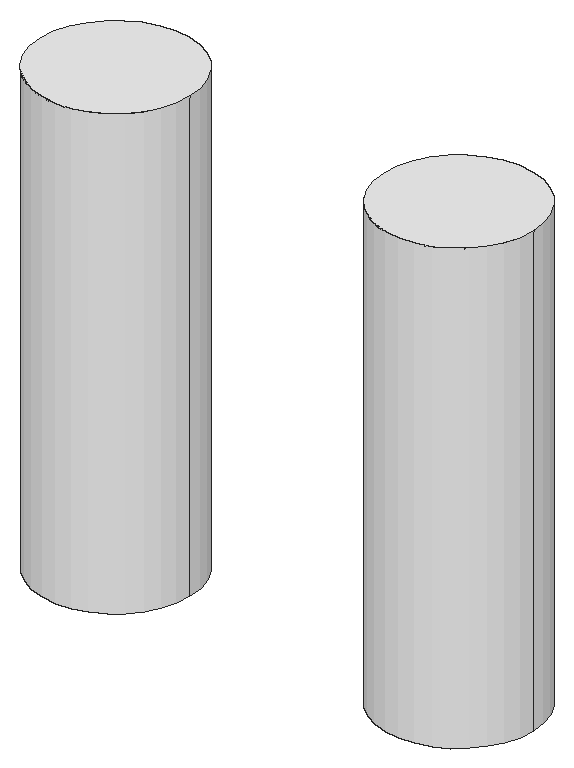
Revit family "51482293", category Plumbing Fixtures, Revit 2018
Family settings
  Round Connector Dimension = Use Diameter
  Part Type = Normal
  OmniClass Number = 23.45.55.00
  OmniClass Title = Sanitary Faucets, Wastes
  Work Plane-Based = No
  Always vertical = Yes
  Cut with Voids When Loaded = No
  Shared = No
  Room Calculation Point = No
Parameters (values of type "51482293 Kitchen faucet ")
  WorkingPressure = "50 - 1000 kPa"
  Working Pressure = "50 - 1000 kPa"
  WarrantyStartDate [instance] = "n/a"
  WarrantyGuarantorParts = "n/a"
  WarrantyGuarantorLabor = "n/a"
  WarrantyDurationUnit = "Year"
  WarrantyDurationParts = "n/a"
  WarrantyDurationLabor = "n/a"
  WarrantyDescription = "http://warranty.hansa.com"
  Warranty Information URL = "http://warranty.hansa.com"
  VersionDate = "01/07/2022"
  Version = "4"  # constant formula
  ValvePattern = "n/a"
  ValveOperation = "n/a"
  ValveMechanism = "n/a"
  Uniclass2015Reference = "Pr_40_20_87_96"
  Uniclass2015Description = "Washbasin manual water supply sets"
  Uniclass2 = "Pr_40_30_96_96"
  URL REACH = "http://static.hansa.com/doc/reach"
  URL KIWA = "http://static.hansa.com/Kiwa/51482293"
  URL Declaration of Conformity = "http://static.hansa.com/DoC/51482293"
  URL DVGW = "http://static.hansa.com/DVGW/51482293"
  URL = ""
  UNSPSC Class Number = "30181700 Faucets or taps"
  Type Comments = ""
  TestPressure = "n/a"
  Temperature Adjustments = "Limitation option for maximum temperature and flow-rate ;Adjustable hot water stop (included, retrofittable)"
  Temperature = "Temperature limiter;Temperature limiter (retrofittable)"
  Technical DataSheet URL = "http://www.hansa.com/datasheet/51482293/en"
  TagNumber [instance] = "n/a"
  SustainabilityPerformance = "n/a"
  Surface treatment = "Chrome"
  Spout Type = "Swivel spout;Swivel range limiting option"
  Spout Swivel Range = "120°"
  Spout Projection = "215 mm"
  Spare-Part Information URL = "http://static.hansa.com/sp/51482293"
  Size = "51x255x168 mm"
  Shape = "Sculptured"
  SerialNumber [instance] = "n/a"
  Sales Package dimensions (LxWxH) = "362 x 278 x 63"
  Revision = "4"  # constant formula
  ReplacementCost = "n/a"
  ProductInformation = "n/a"
  Product URL = "http://static.hansa.com/51482293"
  Product Image URL = "http://static.hansa.com/image/51482293"
  Product Family = "HANSAPOLO "
  Product Code = "51482293"
  OperatingMechanismMaterial = "n/a"
  NominalWidth = 51 mm
  NominalHeight = 168 mm
  NominalDepth = 255 mm
  Noise Class = "I (ISO 3822)"
  Name_en = "51482293 Kitchen faucet"
  Name = "51482293 Kitchen faucet"
  NBSReference = "45-35-70/371"
  NBSDescription = "Water supply fittings for wash basins and troughs"
  Mounting Holes = "1 hole"
  ModelReference = "51482293"
  ModelNumber = "n/a"
  Model = "51482293 Kitchen faucet"
  Mobile Product Information URL = "http://mpi.hansa.com/51482293"
  Mechanical Parts = "ø 35 mm ceramic cartridge for flow and temperature control"
  Max. Hot Water Supply = 70 °C
  Material = "Brass"
  Market = "Austria;Belgium;Czech Republic;Germany;Spain;France;International;Italy;Netherlands;Slovakia"
  ManufacturerURL = "http://www.hansa.com"
  ManufacturerName = "HANSA"
  Manufacturer = "HANSA"
  Lever Handle = "Hot/Cold symbols;Single operating lever/handle"
  Interactive AR View URL = "https://static.hansa.com/AR/51482293"
  InstallationDate [instance] = "n/a"
  Installation and Maintenance Guide URL = "http://static.hansa.com/manual/51482293"
  Installation Type = "Deck mounted"
  InletConnectionSize = 10 mm
  IfcExportType = "FAUCET"  # constant formula
  IfcExportAs = "IfcValveType"  # constant formula
  Group = "Kitchen faucet"
  Grade = "n/a"
  FlowCoefficient = 0
  Flow Rate At 300kPa = 0.2 L/s
  Flow Drawing URL = "http://static.hansa.com/flowchart/51482293"
  Finish = "Polished"
  Features = "Single-lever"
  FaucetMainMaterial = Brass
  FDV Document URL = "http://www.hansa.com/datasheet/51482293/en/fdv"
  ExpectedLife = "n/a"
  ETIM Class Number = "EC011431 Kitchen mixing tap"
  EN Standard = "EN 817"
  EAN Number = "4057304002854"
  DurationUnit = "Year"
  Dimension Drawing URL = "http://static.hansa.com/dimdrw/51482293"
  Description = ""
  DefaultElevation [instance] = 900 mm
  Constituents = "n/a"
  Connection Size = "G3/8"
  Connection = "Flexible inlet pipes"
  Color = "Chrome"
  CodePerformance = "n/a"
  CloseOffRating = 0
  Category = "Kitchen"
  Catalog Drawing URL = "http://static.hansa.com/catdrw/51482293"
  Brand = "HANSA"
  BodyMaterial = "Brass"
  Barcode [instance] = "n/a"
  Backflow Prevention EN1717 = "AA"
  BIMObjectName = "51482293(2020)"
  Author = "BIMStone"
  AssetType = "Fixed"
  AssetIdentifier [instance] = "n/a"
  Approval KIWA = "K6116/08"
  Approval DVGW = "NW-6506BP0361"
  Ambience photo = "http://static.hansa.com/ambience/51482293"
  Aerator = "Standard aerator"
  Advanced Features = "Inner body made of DZR brass;Rapid installation system"
  AccessibilityPerformance = "n/a"
  3D View = "https://static.hansa.com/3D/51482293"
  2D/3D/BIM Files URL = "http://static.hansa.com/bim/51482293"
Reference planes
  plane 1 "Center (Front/Back)": y = 0
  plane 2: z = 0
  plane 3 "Center (Left/Right)": x = 0
  plane 4: x = -25.5
  plane 5: z = 1068
  plane 6: z = 900
  plane 7: z = 870
  plane 8: y = -255
  plane 9: x = 25.5
Forms (mm)
  Extrusion 1, solid, material "Brass" <- "FaucetMainMaterial"
    sketch origin (0, 0, 0) x (1, 0, 0) y (0, 1, 0)
      loop
        circle (-11.5, -22.5) r 5
      loop
        circle (11.5, -22.5) r 5
    from 870 to 900
  Extrusion 2, solid, material "Brass" <- "FaucetMainMaterial", detail levels medium
    sketch origin (0, 0, 0) x (0, 1, 0) y (0, 0, 1)
      loop
        line (0, 900) -> (0, 1058.08) -> (-61.322, 1065.36) -> (-111.697, 1068)
        arc (-111.697, 1068) -> (-112.791, 1067.626) -> (-113.167, 1066.532) r 1.316
        line (-113.167, 1066.532) -> (-112.909, 1064.448)
        arc (-112.909, 1064.448) -> (-111.629, 1061.855) -> (-109.013, 1060.622) r 4.388
        line (-109.013, 1060.622) -> (-51, 1054.525) -> (-51, 993.034)
        arc (-51, 993.034) -> (-52.761, 993.574) -> (-54.465, 994.275) r 19.937
        line (-54.465, 994.275) -> (-135.431, 1032.03)
        arc (-135.431, 1032.03) -> (-162.315, 1042.283) -> (-190.393, 1048.572) r 200
        line (-190.393, 1048.572) -> (-248.818, 1057.304)
        arc (-248.818, 1057.304) -> (-251.086, 1056.882) -> (-252.314, 1054.93) r 2.875
        line (-252.314, 1054.93) -> (-255, 1037.009) -> (-252.234, 1036.594) -> (-252.899, 1032.154) -> (-229.163, 1028.596) -> (-228.347, 1034.037) -> (-193.277, 1028.781)
        arc (-193.277, 1028.781) -> (-168.045, 1023.121) -> (-143.883, 1013.904) r 180
        line (-143.883, 1013.904) -> (-51, 970.592) -> (-51, 900) -> (0, 900)
    from 25.5 to -25.5
  Extrusion 3, solid, material "Brass", detail levels coarse
    sketch origin (0, 0, 0) x (1, 0, 0) y (0, 1, 0)
      loop
        line (-25.5, 0) -> (-25.5, -255) -> (25.5, -255) -> (25.5, 0) -> (-25.5, 0)
    from 900 to 1068
Lines and regions (mm)
  symbolic lines, detail levels medium+fine
    curve 1: line (0, 0, 900) -> (0, -51, 900)
    curve 2: line (0, -51, 900) -> (0, -51, 947.5)
    curve 3: line (0, -50.702, 970.453) -> (0, -143.883, 1013.904)
    curve 4: arc (0, -143.883, 1013.904) -> (0, -168.045, 1023.121) -> (0, -193.277, 1028.781) r 180
    curve 5: line (0, -193.277, 1028.781) -> (0, -225.171, 1033.561)
    curve 6: line (0, -229.163, 1028.596) -> (0, -228.497, 1033.037)
    curve 7: line (0, -252.234, 1036.594) -> (0, -252.899, 1032.154)
    curve 8: line (0, -252.899, 1032.154) -> (0, -229.163, 1028.596)
    curve 10: line (0, -225.321, 1032.561) -> (0, -225.171, 1033.561)
    curve 11: line (0, -252.234, 1036.594) -> (0, -255, 1037.009)
    curve 12: line (0, -255, 1037.009) -> (0, -252.314, 1054.93)
    curve 13: arc (0, -252.314, 1054.93) -> (0, -251.086, 1056.882) -> (0, -248.818, 1057.304) r 2.875
    curve 14: line (0, -248.818, 1057.304) -> (0, -190.393, 1048.572)
    curve 15: arc (0, -190.393, 1048.572) -> (0, -162.315, 1042.283) -> (0, -135.431, 1032.03) r 200
    curve 16: line (0, -135.431, 1032.03) -> (0, -54.465, 994.275)
    curve 17: arc (0, -54.465, 994.275) -> (0, -52.475, 993.474) -> (0, -50.41, 992.892) r 19.937
    curve 18: line (0, -50.007, 1023.96) -> (0, -50.41, 992.892)
    curve 19: line (0, -50.702, 970.453) -> (0, -51, 947.5)
    curve 20: line (0, 0, 900) -> (0, 0, 947.5)
    curve 21: line (0, -0.993, 1023.96) -> (0, 0, 947.5)
    curve 23: line (0, -228.497, 1033.037) -> (0, -225.321, 1032.561)
    curve 24: line (0, -0.993, 1023.96) -> (0, -2.721, 1023.96)
    curve 25: line (0, -49.846, 1026.8) -> (0, -48.006, 1026.8)
    curve 27: line (0, -48.304, 1023.96) -> (0, -48.006, 1026.8)
    curve 28: arc (0, -6.504, 1035.604) -> (0, -3.769, 1030.056) -> (0, -2.721, 1023.96) r 21.584
    curve 29: line (0, -49.846, 1026.8) -> (0, -48.267, 1049.382)
    curve 30: arc (0, -48.267, 1049.382) -> (0, -49.483, 1053.016) -> (0, -52.912, 1054.725) r 5.006
    curve 31: line (0, -52.912, 1054.725) -> (0, -109.013, 1060.622)
    curve 32: arc (0, -109.013, 1060.622) -> (0, -111.629, 1061.855) -> (0, -112.909, 1064.448) r 4.388
    curve 33: line (0, -112.909, 1064.448) -> (0, -113.167, 1066.532)
    curve 34: arc (0, -113.167, 1066.532) -> (0, -112.791, 1067.626) -> (0, -111.697, 1068) r 1.316
    curve 35: line (0, -111.697, 1068) -> (0, -61.322, 1065.36)
    curve 36: line (0, -61.322, 1065.36) -> (0, -4.446, 1058.607)
    curve 37: arc (0, -4.446, 1058.607) -> (0, -3.316, 1057.974) -> (0, -2.965, 1056.728) r 1.691
    curve 38: line (0, -2.965, 1056.728) -> (0, -1.647, 1037.869)
    curve 39: line (0, -6.504, 1035.604) -> (0, -1.647, 1037.869)
    curve 41: line (0, -48.304, 1023.96) -> (0, -50.007, 1023.96)
    curve 43: line (25.5, 0, 900) -> (-25.5, 0, 900)
    curve 44: line (-25.5, 0, 900) -> (-25.5, 0, 947.56)
    curve 45: line (-25.5, 0, 947.56) -> (-24.495, 0, 1023.96)
    curve 46: line (-24.362, 0, 1026.797) -> (-22.506, 0, 1026.797)
    curve 47: line (-24.495, 0, 1023.96) -> (-22.754, 0, 1023.96)
    curve 48: line (-24.362, 0, 1026.797) -> (-21.794, 0, 1058.814)
    curve 49: arc (-21.794, 0, 1058.814) -> (-21.406, 0, 1059.899) -> (-20.524, 0, 1060.641) r 2.211
    curve 50: arc (-20.524, 0, 1060.641) -> (-18.448, 0, 1061.525) -> (-16.319, 0, 1062.269) r 33.994
    curve 51: arc (-16.319, 0, 1062.269) -> (-15.779, 0, 1062.579) -> (-15.419, 0, 1063.089) r 1.442
    curve 52: arc (-15.419, 0, 1063.089) -> (-13.815, 0, 1065.638) -> (-11.468, 0, 1067.527) r 9.139
    curve 53: arc (-11.468, 0, 1067.527) -> (-10.657, 0, 1067.864) -> (-9.789, 0, 1068) r 3.707
    curve 54: line (-9.789, 0, 1068) -> (0, 0, 1068)
    curve 55: line (-22.506, 0, 1026.797) -> (-22.754, 0, 1023.96)
    curve 59: line (25.5, 0, 900) -> (25.5, 0, 947.56)
    curve 60: line (25.5, 0, 947.56) -> (24.495, 0, 1023.96)
    curve 61: line (24.362, 0, 1026.797) -> (22.506, 0, 1026.797)
    curve 62: line (24.495, 0, 1023.96) -> (22.754, 0, 1023.96)
    curve 63: line (24.362, 0, 1026.797) -> (21.794, 0, 1058.814)
    curve 64: arc (21.794, 0, 1058.814) -> (21.406, 0, 1059.899) -> (20.524, 0, 1060.641) r 2.211
    curve 65: arc (20.524, 0, 1060.641) -> (18.448, 0, 1061.525) -> (16.319, 0, 1062.269) r 33.994
    curve 66: arc (16.319, 0, 1062.269) -> (15.779, 0, 1062.579) -> (15.419, 0, 1063.089) r 1.442
    curve 67: arc (15.419, 0, 1063.089) -> (13.815, 0, 1065.638) -> (11.468, 0, 1067.527) r 9.139
    curve 68: arc (11.468, 0, 1067.527) -> (10.657, 0, 1067.864) -> (9.789, 0, 1068) r 3.707
    curve 69: line (9.789, 0, 1068) -> (0, 0, 1068)
    curve 70: line (22.506, 0, 1026.797) -> (22.754, 0, 1023.96)
    curve 83: line (-15, -239.534, 0) -> (-15, -59.645, 0)
    curve 84: line (15, -239.534, 0) -> (15, -59.645, 0)
    curve 85: spline (-15, -239.534, 0) -> (-14.489, -243.537, 0) -> (-12.99, -247.267, 0) -> (-10.607, -250.47, 0) -> (-7.5, -252.928, 0) -> (-3.882, -254.473, 0) -> (0, -255, 0) -> (3.882, -254.473, 0) -> (7.5, -252.928, 0) -> (10.607, -250.47, 0) -> (12.99, -247.267, 0) -> (14.489, -243.537, 0) -> (15, -239.534, 0)
    curve 91: arc (-15.824, -46.935, 0) -> (-15.892, -46.144, 0) -> (-15.994, -45.357, 0) r 18.815
    curve 95: arc (15.832, -46.938, 0) -> (15.9, -46.152, 0) -> (16.001, -45.369, 0) r 18.811
    curve 96: line (-15, -59.645, 0) -> (-15.824, -46.935, 0)
    curve 97: line (15, -59.645, 0) -> (15.832, -46.938, 0)
    curve 98: arc (16.001, -45.369, 0) -> (0.021, -0.018, 0) -> (-15.994, -45.357, 0) r 25.494
  symbolic lines, detail levels fine
    curve 9: line (0, -252.234, 1036.594) -> (0, -228.497, 1033.037)
    curve 22: line (0, 0, 947.5) -> (0, -51, 947.5)
    curve 26: line (0, -25.383, 1026.8) -> (0, -6.504, 1035.604)
    curve 40: line (0, -48.006, 1026.8) -> (0, -25.383, 1026.8)
    curve 42: line (0, -2.721, 1023.96) -> (0, -48.304, 1023.96)
    curve 56: line (-15, 0, 970.474) -> (-15, 0, 1054.085)
    curve 57: line (-22.506, 0, 1026.797) -> (-15, 0, 1026.797)
    curve 58: line (-22.754, 0, 1023.96) -> (-15, 0, 1023.96)
    curve 71: line (22.506, 0, 1026.797) -> (15, 0, 1026.797)
    curve 72: line (22.754, 0, 1023.96) -> (15, 0, 1023.96)
    curve 73: line (-25.5, 0, 947.56) -> (25.5, 0, 947.56)
    curve 74: spline (-15, 0, 1054.085) -> (-14.489, 0, 1054.949) -> (-12.99, 0, 1055.755) -> (-10.607, 0, 1056.447) -> (-7.5, 0, 1056.978) -> (-3.882, 0, 1057.312) -> (0, 0, 1057.426) -> (3.882, 0, 1057.312) -> (7.5, 0, 1056.978) -> (10.607, 0, 1056.447) -> (12.99, 0, 1055.755) -> (14.489, 0, 1054.949) -> (15, 0, 1054.085)
    curve 75: arc (-13.012, 0, 968.978) -> (-14.379, 0, 969.231) -> (-15, 0, 970.474) r 1.557
    curve 76: arc (13.012, 0, 968.978) -> (14.379, 0, 969.231) -> (15, 0, 970.474) r 1.557
    curve 77: arc (-13.012, 0, 968.978) -> (0, 0, 970.816) -> (13.012, 0, 968.978) r 47.003
    curve 78: spline (11.961, 0, 1030.3) -> (11.554, 0, 1029.845) -> (10.359, 0, 1029.421) -> (8.458, 0, 1029.058) -> (5.981, 0, 1028.778) -> (3.096, 0, 1028.603) -> (0, 0, 1028.543) -> (-3.096, 0, 1028.603) -> (-5.981, 0, 1028.778) -> (-8.458, 0, 1029.058) -> (-10.359, 0, 1029.421) -> (-11.554, 0, 1029.845) -> (-11.961, 0, 1030.3) -> (-11.554, 0, 1030.754) -> (-10.359, 0, 1031.178) -> (-8.458, 0, 1031.542) -> (-5.981, 0, 1031.821) -> (-3.096, 0, 1031.997) -> (0, 0, 1032.056) -> (3.096, 0, 1031.997) -> (5.981, 0, 1031.821) -> (8.458, 0, 1031.542) -> (10.359, 0, 1031.178) -> (11.554, 0, 1030.754) -> (11.961, 0, 1030.3)
    curve 79: spline (-11.961, 0, 1034.779) -> (-11.554, 0, 1035.234) -> (-10.359, 0, 1035.658) -> (-8.458, 0, 1036.021) -> (-5.981, 0, 1036.301) -> (-3.096, 0, 1036.476) -> (0, 0, 1036.536) -> (3.096, 0, 1036.476) -> (5.981, 0, 1036.301) -> (8.458, 0, 1036.021) -> (10.359, 0, 1035.658) -> (11.554, 0, 1035.234) -> (11.961, 0, 1034.779)
    curve 80: line (-11.961, 0, 1030.3) -> (-11.961, 0, 1034.779)
    curve 81: line (11.961, 0, 1034.779) -> (11.961, 0, 1030.3)
    curve 82: spline (11.961, 0, 1033.769) -> (14.424, 0, 1034.526) -> (14.937, 0, 1035.369) -> (13.431, 0, 1036.183) -> (10.109, 0, 1036.859) -> (5.421, 0, 1037.304) -> (0, 0, 1037.46) -> (-5.421, 0, 1037.304) -> (-10.109, 0, 1036.859) -> (-13.431, 0, 1036.183) -> (-14.937, 0, 1035.369) -> (-14.424, 0, 1034.526) -> (-11.961, 0, 1033.769)
    curve 86: spline (-15, -239.534, 0) -> (-14.489, -242.782, 0) -> (-12.99, -245.808, 0) -> (-10.607, -248.407, 0) -> (-7.5, -250.401, 0) -> (-3.882, -251.655, 0) -> (0, -252.082, 0) -> (3.882, -251.655, 0) -> (7.5, -250.401, 0) -> (10.607, -248.407, 0) -> (12.99, -245.808, 0) -> (14.489, -242.782, 0) -> (15, -239.534, 0)
    curve 87: arc (19.099, -37.489, 0) -> (0, -2.95, 0) -> (-19.099, -37.489, 0) r 22.55
    curve 88: line (0, -113.165, 0) -> (-6.461, -113.165, 0)
    curve 89: arc (-6.461, -113.165, 0) -> (-10.086, -111.77, 0) -> (-11.84, -108.304, 0) r 5.407
    curve 90: line (-11.84, -108.304, 0) -> (-15, -59.645, 0)
    curve 92: line (0, -113.165, 0) -> (6.461, -113.165, 0)
    curve 93: arc (6.461, -113.165, 0) -> (10.086, -111.77, 0) -> (11.84, -108.304, 0) r 5.407
    curve 94: line (11.84, -108.304, 0) -> (15, -59.645, 0)
    curve 99: arc (-19.099, -37.489, 0) -> (-17.182, -41.279, 0) -> (-15.994, -45.357, 0) r 23.03
    curve 100: arc (19.099, -37.489, 0) -> (17.182, -41.279, 0) -> (15.994, -45.357, 0) r 23.03
    curve 101: line (15, 0, 970.474) -> (15, 0, 1054.085)
    curve 102: line (-15.779, 0, 1062.579) -> (-15.779, 0, 1058.287)
    curve 103: arc (-15.779, 0, 1058.287) -> (-15.347, 0, 1056.539) -> (-14.151, 0, 1055.193) r 3.756
    curve 104: line (15.779, 0, 1062.579) -> (15.779, 0, 1058.287)
    curve 105: arc (15.779, 0, 1058.287) -> (15.347, 0, 1056.539) -> (14.151, 0, 1055.193) r 3.756
Dimensions and locks
  "NominalHeight": plane 5 to plane 6
  "DefaultElevation": plane 6 to level
  locked: plane 6 to plane 7 at 30
  "NominalDepth": plane 8 to plane 1 "Center (Front/Back)"
  equal spacing: plane 4, plane 3 "Center (Left/Right)", plane 9
  "NominalWidth": plane 4 to plane 9
  "InletConnectionSize": diameter of Extrusion 1 sketch curve  (x2)
  aligned and locked: level to plane 2
  aligned and locked: plane 6 to Extrusion 1
  aligned and locked: Extrusion 1 to plane 7
  aligned and locked: plane 6 to import instance
  aligned and locked: plane 5 to Extrusion 3
  aligned and locked: Extrusion 3 to plane 6
Automatic sketch dimensions
  curve 88 to plane 3 "Center (Left/Right)" = 0 mm
  curve 85 to plane 3 "Center (Left/Right)" = 0 mm
  curve 87 to plane 3 "Center (Left/Right)" = 0 mm
  curve 89 to plane 3 "Center (Left/Right)" = 6.461 mm
  curve 90 to curve 89 = 5.379 mm
  plane 4 to curve 90 = 10.5 mm
  plane 4 to curve 96 = 9.676 mm
  curve 91 to plane 4 = 9.1 mm
  curve 99 to curve 91 = 4.004 mm
  plane 3 "Center (Left/Right)" to curve 98 = 0.011 mm
  plane 3 "Center (Left/Right)" to curve 93 = 6.461 mm
  curve 93 to curve 94 = 5.379 mm
  plane 9 to curve 97 = 9.668 mm
  curve 95 to plane 9 = 9.103 mm
  curve 95 to curve 100 = 4 mm
  curve 83 to plane 8 = 15.466 mm
  curve 89 to curve 90 = 4.861 mm
  curve 92 to curve 94 = 4.861 mm
  curve 89 to curve 96 = 48.659 mm
  curve 83 to curve 94 = 0 mm
  curve 83 to curve 99 = 9.911 mm
  curve 84 to curve 100 = 9.911 mm
  curve 100 to curve 95 = 1.574 mm
  curve 99 to curve 91 = 1.58 mm
  curve 84 to curve 97 = 12.706 mm
  plane 1 "Center (Front/Back)" to curve 98 = 25.512 mm
  curve 98 to curve 87 = 0.012 mm
  curve 98 to curve 96 = 0.17 mm
  curve 87 to curve 99 = 0 mm
  curve 100 to curve 95 = 0.007 mm
  plane 9 to curve 100 = 6.401 mm
  curve 87 to curve 100 = 0 mm
  curve 95 to curve 100 = 0.012 mm
  Extrusion 3 sketch curve to plane 4 = 0 mm
  plane 8 to Extrusion 3 sketch curve = 0 mm
  Extrusion 3 sketch curve to plane 9 = 0 mm
  plane 1 "Center (Front/Back)" to Extrusion 3 sketch curve = 0 mm
  curve 11 to plane 8 = 0 mm
  curve 34 to plane 5 = 0 mm
  curve 1 to plane 6 = 0 mm
  curve 20 to plane 1 "Center (Front/Back)" = 0 mm
  curve 8 to plane 8 = 2.101 mm
  curve 12 to plane 8 = 2.686 mm
  curve 7 to plane 8 = 2.766 mm
  curve 13 to curve 13 = 2.844 mm
  curve 13 to curve 14 = 0.652 mm
  curve 7 to curve 8 = 23.737 mm
  curve 6 to curve 23 = 3.177 mm
  curve 10 to curve 10 = 0.15 mm
  curve 4 to plane 8 = 35.045 mm
  curve 4 to curve 15 = 0 mm
  curve 5 to curve 5 = 31.894 mm
  curve 14 to plane 5 = 19.428 mm
  curve 5 to curve 14 = 2.884 mm
  curve 3 to plane 5 = 54.096 mm
  curve 4 to curve 3 = 49.394 mm
  curve 16 to plane 5 = 35.97 mm
  curve 4 to curve 16 = 8.452 mm
  curve 33 to plane 5 = 1.468 mm
  curve 15 to curve 33 = 22.264 mm
  curve 33 to plane 5 = 3.552 mm
  curve 33 to curve 33 = 0.258 mm
  curve 34 to plane 5 = 1.306 mm
  curve 33 to curve 34 = 1.306 mm
  curve 31 to plane 5 = 7.378 mm
  curve 32 to curve 31 = 3.897 mm
  curve 32 to plane 5 = 3.014 mm
  curve 36 to plane 5 = 2.64 mm
  curve 32 to curve 36 = 47.232 mm
  plane 1 "Center (Front/Back)" to curve 16 = 54.465 mm
  curve 35 to curve 30 = 8.061 mm
  curve 31 to plane 5 = 13.275 mm
  curve 30 to curve 31 = 0.349 mm
  curve 17 to curve 22 = 3.465 mm
  curve 2 to curve 19 = 0.298 mm
  curve 16 to curve 18 = 4.054 mm
  curve 30 to curve 41 = 3.254 mm
  curve 18 to curve 25 = 0.161 mm
  curve 18 to curve 42 = 1.703 mm
  curve 29 to plane 5 = 18.618 mm
  curve 30 to curve 29 = 4.994 mm
  curve 25 to curve 25 = 1.841 mm
  curve 27 to curve 17 = 2.265 mm
  curve 25 to curve 26 = 22.622 mm
  curve 26 to curve 28 = 1.086 mm
  plane 1 "Center (Front/Back)" to curve 39 = 6.504 mm
  plane 1 "Center (Front/Back)" to curve 37 = 4.645 mm
  curve 37 to curve 36 = 0.199 mm
  curve 37 to curve 38 = 1.68 mm
  plane 1 "Center (Front/Back)" to curve 24 = 2.721 mm
  plane 1 "Center (Front/Back)" to curve 39 = 1.647 mm
  plane 1 "Center (Front/Back)" to curve 21 = 0.993 mm
  curve 15 to curve 4 = 0 mm
  plane 6 to curve 22 = 47.5 mm
  curve 2 to curve 3 = 22.953 mm
  curve 3 to curve 18 = 22.439 mm
  curve 17 to curve 16 = 1.383 mm
  curve 17 to curve 28 = 11.042 mm
  curve 17 to curve 27 = 11.616 mm
  curve 28 to curve 26 = 3.414 mm
  curve 8 to curve 5 = 0.185 mm
  curve 26 to curve 39 = 2.265 mm
  curve 13 to curve 13 = 0.426 mm
  curve 38 to plane 5 = 11.272 mm
  curve 38 to curve 37 = 0.199 mm
  curve 43 to plane 4 = 0 mm
  curve 54 to plane 5 = 0 mm
  curve 54 to plane 3 "Center (Left/Right)" = 0 mm
  curve 79 to plane 3 "Center (Left/Right)" = 0 mm
  curve 74 to plane 3 "Center (Left/Right)" = 0 mm
  curve 77 to plane 3 "Center (Left/Right)" = 0 mm
  curve 82 to plane 3 "Center (Left/Right)" = 0 mm
  plane 9 to curve 73 = 0 mm
  curve 43 to plane 6 = 0 mm
  plane 4 to curve 45 = 1.005 mm
  plane 4 to curve 46 = 1.138 mm
  curve 45 to curve 47 = 1.74 mm
  curve 46 to curve 57 = 1.856 mm
  plane 4 to curve 48 = 3.706 mm
  curve 49 to curve 49 = 2.203 mm
  curve 49 to curve 51 = 2.841 mm
  curve 49 to curve 102 = 3.812 mm
  plane 4 to curve 56 = 10.5 mm
  curve 56 to curve 75 = 1.557 mm
  curve 102 to curve 103 = 3.756 mm
  curve 57 to curve 80 = 3.039 mm
  curve 102 to curve 54 = 5.99 mm
  curve 53 to curve 53 = 0.137 mm
  curve 103 to curve 52 = 5.034 mm
  curve 80 to curve 50 = 5.785 mm
  curve 65 to curve 78 = 5.785 mm
  plane 3 "Center (Left/Right)" to curve 67 = 6.989 mm
  curve 67 to curve 68 = 2.662 mm
  curve 68 to curve 69 = 0.137 mm
  curve 105 to curve 101 = 2.977 mm
  curve 76 to curve 76 = 1.557 mm
  curve 105 to curve 104 = 3.756 mm
  curve 104 to curve 66 = 0.971 mm
  curve 104 to curve 64 = 3.812 mm
  curve 64 to curve 63 = 2.203 mm
  plane 9 to curve 61 = 2.994 mm
  plane 9 to curve 62 = 2.746 mm
  plane 9 to curve 61 = 1.138 mm
  plane 9 to curve 62 = 1.005 mm
  plane 6 to curve 77 = 23.813 mm
  curve 77 to curve 45 = 23.747 mm
  curve 59 to curve 76 = 22.914 mm
  curve 44 to curve 75 = 22.914 mm
  curve 47 to plane 5 = 44.04 mm
  curve 62 to curve 58 = 0 mm
  curve 47 to curve 57 = 2.837 mm
  curve 62 to curve 71 = 2.837 mm
  curve 71 to curve 65 = 3.026 mm
  curve 57 to curve 50 = 3.026 mm
  curve 65 to curve 81 = 4.956 mm
  curve 101 to plane 5 = 13.915 mm
  curve 101 to curve 105 = 4.203 mm
  curve 74 to curve 103 = 4.203 mm
  curve 102 to curve 49 = 0.35 mm
  curve 104 to curve 64 = 0.35 mm
  curve 64 to curve 63 = 0.177 mm
  curve 49 to curve 48 = 0.177 mm
  curve 105 to curve 67 = 1.274 mm
  curve 103 to curve 52 = 1.274 mm
  curve 66 to plane 5 = 4.355 mm
  curve 51 to plane 5 = 4.355 mm
  curve 53 to plane 5 = 3.705 mm
  curve 68 to plane 5 = 3.705 mm
  curve 50 to curve 49 = 0 mm
  curve 51 to curve 50 = 0 mm
  curve 52 to curve 51 = 0 mm
  curve 74 to curve 103 = 0.849 mm
  curve 77 to curve 75 = 0 mm
  curve 67 to curve 68 = 0 mm
  curve 79 to curve 82 = 3.039 mm
  curve 66 to curve 67 = 0 mm
  curve 65 to curve 66 = 0 mm
  curve 81 to curve 79 = 4.48 mm
  curve 80 to curve 79 = 4.48 mm
  curve 78 to curve 79 = 4.48 mm
  curve 82 to curve 79 = 1.01 mm
  curve 79 to curve 82 = 0.379 mm
  Extrusion 2 sketch curve to plane 8 = 0 mm
  Extrusion 2 sketch curve to plane 5 = 0 mm
  Extrusion 2 sketch curve to plane 6 = 0 mm
  Extrusion 2 sketch curve to plane 1 "Center (Front/Back)" = 0 mm
  Extrusion 2 sketch curve to plane 8 = 2.101 mm
  Extrusion 2 sketch curve to plane 8 = 2.686 mm
  Extrusion 2 sketch curve to plane 8 = 2.766 mm
  Extrusion 2 sketch curve to Extrusion 2 sketch curve = 2.844 mm
  Extrusion 2 sketch curve to Extrusion 2 sketch curve = 0.652 mm
  Extrusion 2 sketch curve to Extrusion 2 sketch curve = 23.737 mm
  Extrusion 2 sketch curve to Extrusion 2 sketch curve = 0.815 mm
  Extrusion 2 sketch curve to plane 8 = 35.045 mm
  Extrusion 2 sketch curve to Extrusion 2 sketch curve = 0 mm  (x2)
  Extrusion 2 sketch curve to Extrusion 2 sketch curve = 35.07 mm
  Extrusion 2 sketch curve to plane 5 = 19.428 mm
  Extrusion 2 sketch curve to Extrusion 2 sketch curve = 2.884 mm
  Extrusion 2 sketch curve to plane 5 = 54.096 mm
  Extrusion 2 sketch curve to Extrusion 2 sketch curve = 49.394 mm
  Extrusion 2 sketch curve to plane 5 = 35.97 mm
  Extrusion 2 sketch curve to Extrusion 2 sketch curve = 8.452 mm
  Extrusion 2 sketch curve to plane 5 = 1.468 mm
  Extrusion 2 sketch curve to Extrusion 2 sketch curve = 22.264 mm
  Extrusion 2 sketch curve to plane 5 = 3.552 mm
  Extrusion 2 sketch curve to Extrusion 2 sketch curve = 0.258 mm
  Extrusion 2 sketch curve to Extrusion 2 sketch curve = 1.306 mm
  Extrusion 2 sketch curve to Extrusion 2 sketch curve = 0.164 mm
  Extrusion 2 sketch curve to plane 5 = 7.378 mm
  Extrusion 2 sketch curve to Extrusion 2 sketch curve = 3.897 mm
  Extrusion 2 sketch curve to plane 5 = 3.014 mm
  Extrusion 2 sketch curve to plane 5 = 2.64 mm
  Extrusion 2 sketch curve to Extrusion 2 sketch curve = 47.232 mm
  plane 1 "Center (Front/Back)" to Extrusion 2 sketch curve = 54.465 mm
  plane 1 "Center (Front/Back)" to Extrusion 2 sketch curve = 51 mm
  Extrusion 2 sketch curve to Extrusion 2 sketch curve = 10.322 mm
  Extrusion 2 sketch curve to Extrusion 2 sketch curve = 8.426 mm
  Extrusion 2 sketch curve to Extrusion 2 sketch curve = 70.592 mm
  Extrusion 2 sketch curve to Extrusion 2 sketch curve = 22.442 mm
  Extrusion 2 sketch curve to Extrusion 2 sketch curve = 1.241 mm
  Extrusion 2 sketch curve to Extrusion 2 sketch curve = 0.185 mm
  Extrusion 2 sketch curve to Extrusion 2 sketch curve = 0.426 mm
  Extrusion 2 sketch curve to plane 5 = 13.475 mm
  Extrusion 2 sketch curve to plane 5 = 9.92 mm
  Extrusion 1 sketch curve to plane 3 "Center (Left/Right)" = 11.5 mm
  plane 3 "Center (Left/Right)" to Extrusion 1 sketch curve = 11.5 mm
  plane 1 "Center (Front/Back)" to Extrusion 1 sketch curve = 22.5 mm  (x2)
Nested families
  nested 1: "Symbol" at (0, 0, 0), type "Symbol", detail levels coarse
Connectors
  piping at (-11.5, -22.5, 870), diameter 10, driven by "InletConnectionSize"
    settings: on Extrusion 1, index 1, connector inside diameter 609.6 mm, connector length 0 mm, flow factor 0, pipe flow 0.2 L/s, pressure drop 0.0 Pa, fitting loss kfactor 0, connector angle 0.00°, fixture units 0, engagement length 0 mm, angle of deflection 0.00°, flow configuration 1, flow direction 1, fitting loss method 0, system type 19, joint type 0, gender type 0, connector reference index -1, connector utility 0, adjustable connector no, is connector primary yes, connector description ""
  piping at (11.5, -22.5, 870), diameter 10, driven by "InletConnectionSize"
    settings: on Extrusion 1, index 2, connector inside diameter 609.6 mm, connector length 0 mm, flow factor 0, pipe flow 0.2 L/s, pressure drop 0.0 Pa, fitting loss kfactor 0, connector angle 0.00°, fixture units 0, engagement length 0 mm, angle of deflection 0.00°, flow configuration 1, flow direction 1, fitting loss method 0, system type 20, joint type 0, gender type 0, connector reference index -1, connector utility 0, adjustable connector no, is connector primary no, connector description ""
Definition of nested family "Symbol"
  Reference planes
    plane 1: y = 0
    plane 2: x = 0
  Lines and regions (mm)
    detail lines
      curve 1: line (0, 0, 0) -> (0, -1.8, 0)
      curve 2: line (-0.4, -1.1, 0) -> (0.4, -1.1, 0)
      curve 3: line (-0.4, -1.4, 0) -> (0.4, -1.4, 0)
      curve 4: line (0.863, 0, 0) -> (-0.863, 0, 0)
      curve 5: circle (-1.163, 0, 0) r 0.3 normal (0, 0, -1)
      curve 6: circle (1.163, 0, 0) r 0.3 normal (0, 0, 1)
